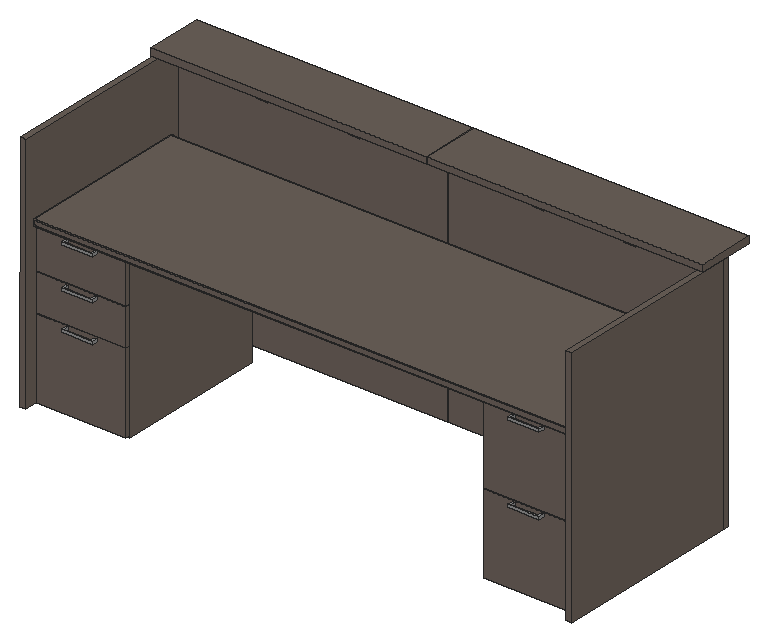
Revit family "OFS TYPICAL T100185", category Furniture, Revit 2022
Family settings
  OmniClass Number = 23.40.20.00
  OmniClass Title = General Furniture and Specialties
  Work Plane-Based = No
  Always vertical = Yes
  Cut with Voids When Loaded = No
  Render Appearance Source = Family Geometry
  Shared = No
  Room Calculation Point = No
Parameters (values of type "T100185")
  URL = "https://ofs.com/"
  Model = "T100185"
  Manufacturer = "OFS"
  Description = "OFS TYPICAL T100185"
  Default Elevation = 0.00"
  Copyright © = "©OFS 2021"
  Catalog = "https://ofs.com/2020-experience"
  Authoring Version = "Autodesk Revit Architecture 2015"
  Assembly Code = "E2020400"
Reference planes (in)
  plane 1 "Center Front/Back": y = 0
  plane 2: z = 0
  plane 3 "Center Left/Right": x = 0
Dimensions and locks (in)
  aligned and locked: level to plane 2
Nested families (in)
  nested 1: "STAKS RECTANGULAR WORKSURFACES Long Grain" at (-54.9412, 16.41239, 0), type "STAKS RECTANGULAR WORKSURFACE 94 x 30"
    with Height Above Floor 29.00", Depth 30.00", Width 94.00"
  nested 2: "STAKS WORKSURFACE HEIGHT PEDESTAL - BOX-BOX-FILE - NO RISER SUPPORT" at (-59.97712, -7.92161, 0) x (1, 0, 0) z (0, 0, 1), type "STAKS WORKSURFACE HEIGHT PEDESTAL - BOX-BOX-FILE - NO RISER SUPPORT 27in D"
  nested 3: "STAKS WORKSURFACE HEIGHT PEDESTAL - FILE-FILE - NO RISER SUPPORT" at (17.82416, -7.92161, 0), type "STAKS WORKSURFACE HEIGHT PEDESTAL - FILE-FILE - NO RISER SUPPORT 27in D"
  nested 4: "STAKS SPINE OR DIVIDER WALL 42in" at (-50.21988, -24.45808, 0) x (0, 1, 0) z (0, 0, 1), type "STAKS SPINE OR DIVIDER WALL 42in X 33in"
    with Height Above Floor 42.00"
  nested 5: "STAKS SPINE OR DIVIDER WALL 42in" at (44.78012, -24.45808, 0) x (0, 1, 0) z (0, 0, 1), type "STAKS SPINE OR DIVIDER WALL 42in X 33in"
    with Height Above Floor 42.00"
  nested 6: "STAKS SPINE OR DIVIDER WALL 42in" at (-55.93689, 18.91239, 0), type "STAKS SPINE OR DIVIDER WALL 42in X 48in"
    with Height Above Floor 42.00"
  nested 7: "STAKS SPINE OR DIVIDER WALL 42in" at (55.16445, 18.91239, 0) x (-1, 0, 0) z (0, 0, 1), type "STAKS SPINE OR DIVIDER WALL 42in X 48in"
    with Height Above Floor 42.00"
  nested 8: "STAKS TRANSACTION SHELF" at (-7.87501, 18.7034, -5.375) x (1, 0, 0) z (0, 0, 1), type "STAKS TRANSACTION SHELF 48in"
  nested 9: "STAKS TRANSACTION SHELF" at (7.12499, 18.7034, -5.375) x (-1, 0, 0) z (0, 0, 1), type "STAKS TRANSACTION SHELF 48in"
  nested 10: "STAKS BENCHING PRESS FIT BRACKET" at (-30.51088, 33.07874, 14) x (0, 1, 0) z (0, 0, 1), type "STAKS BENCHING PRESS FIT BRACKET"
  nested 11: "STAKS BENCHING PRESS FIT BRACKET" at (-14.51088, 33.07874, 14) x (0, 1, 0) z (0, 0, 1), type "STAKS BENCHING PRESS FIT BRACKET"
  nested 12: "STAKS BENCHING PRESS FIT BRACKET" at (17.48912, 33.07875, 14) x (0, 1, 0) z (0, 0, 1), type "STAKS BENCHING PRESS FIT BRACKET"
  nested 13: "STAKS BENCHING PRESS FIT BRACKET" at (33.48912, 33.07875, 14) x (0, 1, 0) z (0, 0, 1), type "STAKS BENCHING PRESS FIT BRACKET"
  nested 14: "STAKS BENCHING CANTILEVER WORKSURFACE BRACKET - OPEN" at (19.11377, 13.20339, 0), type "CANTILEVER WORKSURFACE BRACKET - OPEN 30in"
  nested 15: "STAKS BENCHING CANTILEVER WORKSURFACE BRACKET - MINI CONCEALED" at (57.86377, 13.20339, 0), type "STAKS CANTILEVER WORKSURFACE BRACKET - MINI CONCEALED"
  nested 16: "STAKS BENCHING CANTILEVER WORKSURFACE BRACKET - MINI CONCEALED" at (-25.63623, 13.20339, 0), type "STAKS CANTILEVER WORKSURFACE BRACKET - MINI CONCEALED"
Definition of nested family "STAKS RECTANGULAR WORKSURFACES Long Grain"
  Parameters (values of type "STAKS RECTANGULAR WORKSURFACE 42 x 22")
    URL = "http://www.ofs.com/"
    Rectangular Worksurface = none
    Height Above Floor [instance] = 29.00"
    Height = 1.125"
    Depth = 22.00"
    Model = "6-MCT-42/22"
    Manufacturer = "OFS"
    Description = "OFS STAKS 42 X 22 RECTANGULAR WORKSURFACE For Worksurface or Low Height Applications, Long Grain"
    Width = 42.00"
    Default Elevation = 0.00"
    Copyright © = "© 2018 OFS"
    Catalog = "https://ofs.com/products/casegoods/private-office/staks"
    Authoring Version = "Autodesk Revit Architecture 2013"
    Assembly Code = "E2020200"
  Types (26): name | Model | Description | Width
    STAKS RECTANGULAR WORKSURFACE 15.625 x 22 | "6-MCT-15.625/22" | "OFS STAKS 15.625 X 22 RECTANGULAR WORKSURFACE For Worksurface or Low Height Applications, Long Grain" | 15.625"
    STAKS RECTANGULAR WORKSURFACE 24 x 22 | "6-MCT-24/22" | "OFS STAKS 24 X 22 RECTANGULAR WORKSURFACE For Worksurface or Low Height Applications, Long Grain" | 24.00"
    STAKS RECTANGULAR WORKSURFACE 30 x 22 | "6-MCT-30/22" | "OFS STAKS 30 X 22 RECTANGULAR WORKSURFACE For Worksurface or Low Height Applications, Long Grain" | 30.00"
    STAKS RECTANGULAR WORKSURFACE 34 x 22 | "6-MCT-34/22" | "OFS STAKS 34 X 22 RECTANGULAR WORKSURFACE For Worksurface or Low Height Applications, Long Grain" | 34.00"
    STAKS RECTANGULAR WORKSURFACE 36 x 22 | "6-MCT-36/22" | "OFS STAKS 36 X 22 RECTANGULAR WORKSURFACE For Worksurface or Low Height Applications, Long Grain" | 36.00"
    STAKS RECTANGULAR WORKSURFACE 42 x 22 | "6-MCT-42/22" | "OFS STAKS 42 X 22 RECTANGULAR WORKSURFACE For Worksurface or Low Height Applications, Long Grain" | 42.00"
    STAKS RECTANGULAR WORKSURFACE 46 x 22 | "6-MCT-46/22" | "OFS STAKS 46 X 22 RECTANGULAR WORKSURFACE For Worksurface or Low Height Applications, Long Grain" | 46.00"
    STAKS RECTANGULAR WORKSURFACE 48 x 22 | "6-MCT-48/22" | "OFS STAKS 48 X 22 RECTANGULAR WORKSURFACE For Worksurface or Low Height Applications, Long Grain" | 48.00"
    STAKS RECTANGULAR WORKSURFACE 48.5 x 22 | "6-MCT-48.5/22" | "OFS STAKS 48.5 X 22 RECTANGULAR WORKSURFACE For Worksurface or Low Height Applications, Long Grain" | 48.50"
    STAKS RECTANGULAR WORKSURFACE 54 x 22 | "6-MCT-54/22" | "OFS STAKS 54 X 22 RECTANGULAR WORKSURFACE For Worksurface or Low Height Applications, Long Grain" | 54.00"
    STAKS RECTANGULAR WORKSURFACE 55.5 x 22 | "6-MCT-55.5/22" | "OFS STAKS 55.5 X 22 RECTANGULAR WORKSURFACE For Worksurface or Low Height Applications, Long Grain" | 55.50"
    STAKS RECTANGULAR WORKSURFACE 59 x 22 | "6-MCT-59/22" | "OFS STAKS 59 X 22 RECTANGULAR WORKSURFACE For Worksurface or Low Height Applications, Long Grain" | 59.00"
    STAKS RECTANGULAR WORKSURFACE 60 x 22 | "6-MCT-60/22" | "OFS STAKS 60 X 22 RECTANGULAR WORKSURFACE For Worksurface or Low Height Applications, Long Grain" | 60.00"
    STAKS RECTANGULAR WORKSURFACE 64 x 22 | "6-MCT-64/22" | "OFS STAKS 64 X 22 RECTANGULAR WORKSURFACE For Worksurface or Low Height Applications, Long Grain" | 64.00"
    STAKS RECTANGULAR WORKSURFACE 66 x 22 | "6-MCT-66/22" | "OFS STAKS 66 X 22 RECTANGULAR WORKSURFACE For Worksurface or Low Height Applications, Long Grain" | 66.00"
    STAKS RECTANGULAR WORKSURFACE 69.625 x 22 | "6-MCT-69.625/22" | "OFS STAKS 69.625 X 22 RECTANGULAR WORKSURFACE For Worksurface or Low Height Applications, Long Grain" | 69.625"
    STAKS RECTANGULAR WORKSURFACE 70.5 x 22 | "6-MCT-70.5/22" | "OFS STAKS 70.5 X 22 RECTANGULAR WORKSURFACE For Worksurface or Low Height Applications, Long Grain" | 70.50"
    STAKS RECTANGULAR WORKSURFACE 72 x 22 | "6-MCT-72/22" | "OFS STAKS 72 X 22 RECTANGULAR WORKSURFACE For Worksurface or Low Height Applications, Long Grain" | 72.00"
    STAKS RECTANGULAR WORKSURFACE 74 x 22 | "6-MCT-74/22" | "OFS STAKS 74 X 22 RECTANGULAR WORKSURFACE For Worksurface or Low Height Applications, Long Grain" | 74.00"
    STAKS RECTANGULAR WORKSURFACE 78 x 22 | "6-MCT-78/22" | "OFS STAKS 78 X 22 RECTANGULAR WORKSURFACE For Worksurface or Low Height Applications, Long Grain" | 78.00"
    STAKS RECTANGULAR WORKSURFACE 82.5 x 22 | "6-MCT-82.5/22" | "OFS STAKS 82.5 X 22 RECTANGULAR WORKSURFACE For Worksurface or Low Height Applications, Long Grain" | 82.50"
    STAKS RECTANGULAR WORKSURFACE 84 x 22 | "6-MCT-84/22" | "OFS STAKS 84 X 22 RECTANGULAR WORKSURFACE For Worksurface or Low Height Applications, Long Grain" | 84.00"
    STAKS RECTANGULAR WORKSURFACE 87.625 x 22 | "6-MCT-87.625/22" | "OFS STAKS 87.625 X 22 RECTANGULAR WORKSURFACE For Worksurface or Low Height Applications, Long Grain" | 87.625"
    STAKS RECTANGULAR WORKSURFACE 90 x 22 | "6-MCT-90/22" | "OFS STAKS 90 X 22 RECTANGULAR WORKSURFACE For Worksurface or Low Height Applications, Long Grain" | 90.00"
    STAKS RECTANGULAR WORKSURFACE 94 x 22 | "6-MCT-94/22" | "OFS STAKS 94 X 22 RECTANGULAR WORKSURFACE For Worksurface or Low Height Applications, Long Grain" | 94.00"
    STAKS RECTANGULAR WORKSURFACE 96 x 22 | "6-MCT-96/22" | "OFS STAKS 96 X 22 RECTANGULAR WORKSURFACE For Worksurface or Low Height Applications, Long Grain" | 96.00"
  Reference planes (in)
    plane 1: z = -0.125
    plane 2 "LEFT": x = 7.55498
    plane 3 "RIGHT": x = 49.55498
    plane 4 "BACK": y = -1.83365
    plane 5 "FRONT": y = -23.83365
    plane 6: x = 7.67998
    plane 7: x = 49.42998
    plane 8: y = -1.95865
    plane 9: y = -23.70865
    plane 10: z = 27.75
    plane 11 "SURFACE TOP": z = 28.875
  Forms (in)
    Extrusion 1, solid
      sketch origin (0, 0, 17.125) x (-1, 0, 0) y (0, -1, 0)
        loop
          line (-7.67998, 1.95865) -> (-7.67998, 23.70865) -> (-49.42998, 23.70865) -> (-49.42998, 1.95865) -> (-7.67998, 1.95865)
      from 11.75 to 10.625
    Sweep 2, solid, material <- "Rectangular Worksurface"
      path origin (0, 0, 28.875) x (0, 1, 0) y (-1, 0, 0)
        loop
          line (-23.83365, -7.55498) -> (-23.83365, -49.55498) -> (-1.83365, -49.55498) -> (-1.83365, -7.55498) -> (-23.83365, -7.55498)
      profile origin (28.55498, -23.83365, 28.875) x (0, 1, 0) y (0, 0, 1)
        loop
          arc (0.125, 0) -> (0.03661, -0.03661) -> (0, -0.125) r 0.125
          line (0, -0.125) -> (0, -1)
          arc (0, -1) -> (0.03661, -1.08839) -> (0.125, -1.125) r 0.125
          line (0.125, -1.125) -> (0.125, 0)
  Lines and regions (in)
    Masking region 1
      outline origin (0, 0, 16.625) x (-1, 0, 0) y (0, -1, 0)
        loop
          line (-7.67998, 1.95865) -> (-7.55498, 1.83365) -> (-7.55498, 23.83365) -> (-7.67998, 23.70865) -> (-7.67998, 1.95865)
    Masking region 2
      outline origin (0, 0, 16.625) x (-1, 0, 0) y (0, -1, 0)
        loop
          line (-7.55498, 1.83365) -> (-7.67998, 1.95865) -> (-49.42998, 1.95865) -> (-49.55498, 1.83365) -> (-7.55498, 1.83365)
    Masking region 3
      outline origin (0, 0, 16.625) x (-1, 0, 0) y (0, -1, 0)
        loop
          line (-49.55498, 1.83365) -> (-49.42998, 1.95865) -> (-49.42998, 23.70865) -> (-49.55498, 23.83365) -> (-49.55498, 1.83365)
    Masking region 4
      outline origin (0, 0, 16.625) x (-1, 0, 0) y (0, -1, 0)
        loop
          line (-49.55498, 23.83365) -> (-49.42998, 23.70865) -> (-7.67998, 23.70865) -> (-7.55498, 23.83365) -> (-49.55498, 23.83365)
    Masking region 5
      outline origin (0, 0, 16.625) x (-1, 0, 0) y (0, -1, 0)
        loop
          line (-49.42998, 23.70865) -> (-49.42998, 1.95865) -> (-7.67998, 1.95865) -> (-7.67998, 23.70865) -> (-49.42998, 23.70865)
  Dimensions and locks (in)
    "Depth": plane 4 "BACK" to plane 5 "FRONT"
    "Width": plane 2 "LEFT" to plane 3 "RIGHT"
    "Height": plane 11 "SURFACE TOP" to plane 10
    locked: plane 4 "BACK" to plane 8 at 0.125
    locked: plane 2 "LEFT" to plane 6 at 0.125
    locked: plane 7 to plane 3 "RIGHT" at 0.125
    locked: plane 9 to plane 5 "FRONT" at 0.125
    "Height Above Floor": plane 11 "SURFACE TOP" to level
    aligned: level to plane 1
    aligned and locked: plane 8 to Extrusion 1 sketch curve
    aligned and locked: Extrusion 1 sketch curve to plane 6
    aligned and locked: Extrusion 1 sketch curve to plane 9
    aligned and locked: plane 7 to Extrusion 1 sketch curve
    aligned and locked: plane 11 "SURFACE TOP" to Extrusion 1
    aligned and locked: Extrusion 1 to plane 10
    aligned and locked: Sweep 2 sketch curve to plane 5 "FRONT"
    aligned and locked: Sweep 2 sketch curve to plane 2 "LEFT"
    aligned and locked: plane 4 "BACK" to Sweep 2 sketch curve
    aligned and locked: plane 3 "RIGHT" to Sweep 2 sketch curve
  Automatic sketch dimensions
    Masking region 1 sketch curve to plane 6 = 0.00"
    Masking region 1 sketch curve to plane 2 "LEFT" = 0.00"
    Masking region 1 sketch curve to plane 4 "BACK" = 0.00"
    Masking region 1 sketch curve to plane 8 = 0.00"
    Masking region 1 sketch curve to plane 9 = 0.00"
    Masking region 1 sketch curve to plane 5 "FRONT" = 0.00"
    Masking region 2 sketch curve to plane 3 "RIGHT" = 0.00"
    Masking region 2 sketch curve to plane 7 = 0.00"
    Masking region 2 sketch curve to plane 6 = 0.00"
    Masking region 2 sketch curve to plane 2 "LEFT" = 0.00"
    Masking region 2 sketch curve to plane 4 "BACK" = 0.00"
    Masking region 2 sketch curve to plane 8 = 0.00"
    Masking region 3 sketch curve to plane 3 "RIGHT" = 0.00"
    Masking region 3 sketch curve to plane 7 = 0.00"
    Masking region 3 sketch curve to plane 4 "BACK" = 0.00"
    Masking region 3 sketch curve to plane 8 = 0.00"
    Masking region 3 sketch curve to plane 9 = 0.00"
    Masking region 3 sketch curve to plane 5 "FRONT" = 0.00"
    Masking region 4 sketch curve to plane 3 "RIGHT" = 0.00"
    Masking region 4 sketch curve to plane 7 = 0.00"
    Masking region 4 sketch curve to plane 6 = 0.00"
    Masking region 4 sketch curve to plane 2 "LEFT" = 0.00"
    Masking region 4 sketch curve to plane 9 = 0.00"
    Masking region 4 sketch curve to plane 5 "FRONT" = 0.00"
    Masking region 5 sketch curve to plane 7 = 0.00"
    Masking region 5 sketch curve to plane 6 = 0.00"
    Masking region 5 sketch curve to plane 8 = 0.00"
    Masking region 5 sketch curve to plane 9 = 0.00"
    Sweep 2 sketch curve to profile plane = 0.00"
    Sweep 2 sketch curve to plane 11 "SURFACE TOP" = 0.00"
    Sweep 2 sketch curve to profile plane = 0.125"
    Sweep 2 sketch curve to Sweep 2 sketch curve = 0.875"
Definition of nested family "STAKS WORKSURFACE HEIGHT PEDESTAL - BOX-BOX-FILE - NO RISER SUPPORT"
  Parameters (values of type "STAKS WORKSURFACE HEIGHT PEDESTAL - BOX-BOX-FILE - NO RISER SUPPORT 19in D")
    URL = "http://www.ofs.com/"
    Riser Support = 0.00"
    Model = "6-NW1619MPD1"
    Manufacturer = "OFS"
    Height = 27.875"
    Drawer Material = none
    Drawer Handle Width = 5.4375"
    Drawer Handle Material = none
    Description = "OFS STAKS WORKSURFACE HEIGHT PEDESTAL - BOX-BOX-FILE - NO RISER SUPPORT 19\" D, Two Box Drawers, Use with 22\"D Worksurfaces"
    Width = 15.625"
    Depth = 19.375"
    Default Elevation = 0.00"
    DH2 = 6.50"
    DH1 = 14.375"
    Copyright © = "© 2018 OFS"
    Chasis Material = none
    Catalog = "https://ofs.com/products/casegoods/private-office/staks"
    Board Thickness = 0.75"
    Authoring Version = "Autodesk Revit Architecture 2013"
    Assembly Code = "E2020200"
  Types (6): name | Model | Description | Depth
    STAKS WORKSURFACE HEIGHT PEDESTAL - BOX-BOX-FILE - NO RISER SUPPORT 19in D | "6-NW1619MPD1" | "OFS STAKS WORKSURFACE HEIGHT PEDESTAL - BOX-BOX-FILE - NO RISER SUPPORT 19\" D, Two Box Drawers, Use with 22\"D Worksurfaces" | 19.375"
    STAKS WORKSURFACE HEIGHT PEDESTAL - BOX-BOX-FILE - NO RISER SUPPORT 22in D | "6-NW1622MPD1" | "OFS STAKS WORKSURFACE HEIGHT PEDESTAL - BOX-BOX-FILE - NO RISER SUPPORT 22\" D, Two Box Drawers, Use with 22\"D Worksurfaces" | 21.875"
    STAKS WORKSURFACE HEIGHT PEDESTAL - BOX-BOX-FILE - NO RISER SUPPORT 27in D | "6-NW1627MPD1" | "OFS STAKS WORKSURFACE HEIGHT PEDESTAL - BOX-BOX-FILE - NO RISER SUPPORT 27\" D, Two Box Drawers, Use with 30\"D Worksurfaces" | 27.375"
    STAKS WORKSURFACE HEIGHT PEDESTAL - BOX-BOX-FILE - NO RISER SUPPORT 30in D | "6-NW1630MPD1" | "OFS STAKS WORKSURFACE HEIGHT PEDESTAL - BOX-BOX-FILE - NO RISER SUPPORT 30\" D, Two Box Drawers, Use with 30\"D Worksurfaces" | 29.875"
    STAKS WORKSURFACE HEIGHT PEDESTAL - BOX-BOX-FILE - NO RISER SUPPORT 33in D | "6-NW1633MPD1" | "OFS STAKS WORKSURFACE HEIGHT PEDESTAL - BOX-BOX-FILE - NO RISER SUPPORT 33\" D, Two Box Drawers, Use with 36\"D Worksurfaces" | 33.375"
    STAKS WORKSURFACE HEIGHT PEDESTAL - BOX-BOX-FILE - NO RISER SUPPORT 36in D | "6-NW1636MPD1" | "OFS STAKS WORKSURFACE HEIGHT PEDESTAL - BOX-BOX-FILE - NO RISER SUPPORT 36\" D, Two Box Drawers, Use with 36\"D Worksurfaces" | 35.875"
  Reference planes (in)
    plane 1: z = 0
    plane 2 "Right": x = 20.97711
    plane 3: z = 27.875
    plane 4: z = 14.375
    plane 5: z = 14.25
    plane 6: z = 0
    plane 7: z = 14
    plane 8: z = 27.625
    plane 9: z = 13.531
    plane 10: z = 27.15625
    plane 11: x = 13.16461
    plane 12: y = 1.37535
    plane 13: y = 0.62535
    plane 14: x = 13.22711
    plane 15: x = 28.72661
    plane 16: x = 13.91461
    plane 17: y = 20.00035
    plane 18: x = 28.78961
    plane 19: x = 28.03961
    plane 20: x = 18.25836
    plane 21: x = 18.63336
    plane 22: x = 23.69586
    plane 23: x = 23.32086
    plane 24: y = -0.18715
    plane 25: y = -0.37465
    plane 26: z = 20.875
    plane 27: z = 20.75
    plane 28: z = 20.5
    plane 29: z = 20.031
    plane 30: z = 0.25
    plane 31: y = 19.25035
    plane 32: z = 0.75
    plane 33: y = 16.75035
    plane 34: y = 4.37535
    plane 35: y = 8.37535
    plane 36: y = 12.75035
    plane 37: y = 5.00035
    plane 38: y = 13.37535
    plane 39: z = 28
  Forms (in)
    Extrusion 1, solid, material <- "Drawer Material"
      sketch origin (20.35211, 5, -13.1802) x (0, 1, 0) y (0, 0, 1)
        loop
          line (-4.37465, 27.4302) -> (-4.37465, 13.4302) -> (-3.62465, 13.4302) -> (-3.62465, 27.4302) -> (-4.37465, 27.4302)
      from -7.125 to 8.3745
    Extrusion 2, solid, material <- "Drawer Material"
      sketch origin (20.35211, 2.25, -7.68015) x (0, 1, 0) y (0, 0, 1)
        loop
          line (-1.62465, 28.43015) -> (-1.62465, 22.05515) -> (-0.87465, 22.05515) -> (-0.87465, 28.43015) -> (-1.62465, 28.43015)
      from -7.125 to 8.3745
    Extrusion 3, solid, material <- "Chasis Material"
      sketch origin (-3, -1.24965, 0) x (1, 0, 0) y (0, 0, 1)
        loop
          line (16.16461, 0) -> (16.91461, 0) -> (16.91461, 27.875) -> (16.16461, 27.875) -> (16.16461, 0)
      from -21.25 to -2.625
    Extrusion 4, solid, material <- "Chasis Material"
      sketch origin (19.35211, 31.02324, 0) x (0, 1, 0) y (0, 0, 1)
        loop
          line (-11.77289, 0) -> (-11.02289, 0) -> (-11.02289, 27.875) -> (-11.77289, 27.875) -> (-11.77289, 0)
      from -5.4375 to 8.6875
    Extrusion 5, solid, material <- "Drawer Handle Material"
      sketch origin (9, 0, 9.60933) x (1, 0, 0) y (0, 1, 0)
        loop
          line (9.25836, 0.62535) -> (9.25836, -0.37465) -> (14.69586, -0.37465) -> (14.69586, 0.62535) -> (14.32086, 0.62535) -> (14.32086, -0.18715) -> (9.63336, -0.18715) -> (9.63336, 0.62535) -> (9.25836, 0.62535)
      from 3.92167 to 4.39067
    Extrusion 6, solid, material <- "Drawer Handle Material"
      sketch origin (9, 0, 20.67137) x (1, 0, 0) y (0, 1, 0)
        loop
          line (9.25836, 0.62535) -> (9.25836, -0.37465) -> (14.69586, -0.37465) -> (14.69586, 0.62535) -> (14.32086, 0.62535) -> (14.32086, -0.18715) -> (9.63336, -0.18715) -> (9.63336, 0.62535) -> (9.25836, 0.62535)
      from -0.64037 to -0.17137
    Extrusion 7, solid, material <- "Chasis Material"
      sketch origin (0, 0, 0) x (1, 0, 0) y (0, 1, 0)
        loop
          line (28.78961, 20.00035) -> (28.03961, 20.00035) -> (28.03961, 1.37535) -> (28.78961, 1.37535) -> (28.78961, 20.00035)
      from 0 to 27.875
    Extrusion 8, solid, material <- "Drawer Material"
      sketch origin (20.35211, 2.25, 0.06985) x (0, 1, 0) y (0, 0, 1)
        loop
          line (-1.62465, 27.80515) -> (-1.62465, 20.80515) -> (-0.87465, 20.80515) -> (-0.87465, 27.80515) -> (-1.62465, 27.80515)
      from -7.125 to 8.3745
    Extrusion 9, solid, material <- "Drawer Handle Material"
      sketch origin (9, 0, 28.42137) x (1, 0, 0) y (0, 1, 0)
        loop
          line (9.25836, 0.62535) -> (9.25836, -0.37465) -> (14.69586, -0.37465) -> (14.69586, 0.62535) -> (14.32086, 0.62535) -> (14.32086, -0.18715) -> (9.63336, -0.18715) -> (9.63336, 0.62535) -> (9.25836, 0.62535)
      from -1.26512 to -0.79637
    Extrusion 10, solid, material <- "Chasis Material"
      sketch origin (-29.79592, -1.62465, 7.24693) x (1, 0, 0) y (0, 0, 1)
        loop
          line (43.71054, 19.90932) -> (57.83554, 19.90932) -> (57.83554, 20.62807) -> (43.71054, 20.62807) -> (43.71054, 19.90932)
      from -18.375 to -14.375
    Extrusion 11, solid, material <- "Chasis Material"
      sketch origin (-29.79592, -7.12465, 7.24693) x (1, 0, 0) y (0, 0, 1)
        loop
          line (43.71054, 19.90932) -> (57.83554, 19.90932) -> (57.83554, 20.62807) -> (43.71054, 20.62807) -> (43.71054, 19.90932)
      from -15.5 to -11.5
    Extrusion 12, solid, material <- "Chasis Material"
      sketch origin (-31.5409, -1.62465, -42.72261) x (1, 0, 0) y (0, 0, 1)
        loop
          line (45.45551, 42.72261) -> (59.58051, 42.72261) -> (59.58051, 43.47261) -> (45.45551, 43.47261) -> (45.45551, 42.72261)
      from -20.875 to -3
    Extrusion 13, solid
      sketch origin (0, 0, 0) x (1, 0, 0) y (0, 1, 0)
        loop
          line (28.72661, 20.00035) -> (28.03961, 20.00035) -> (28.03961, 13.37535) -> (13.91461, 13.37535) -> (13.91461, 20.00035) -> (13.22711, 20.00035) -> (13.22711, 0.62535) -> (13.91461, 0.62535) -> (13.91461, 4.37535) -> (28.03961, 4.37535) -> (28.03961, 0.62535) -> (28.72661, 0.62535) -> (28.72661, 20.00035)
        loop
          line (28.03961, 5.00035) -> (28.03961, 12.75035) -> (13.91461, 12.75035) -> (13.91461, 5.00035) -> (28.03961, 5.00035)
      from 27.875 to 28
  Dimensions and locks (in)
    "Board Thickness": plane 13 to plane 12
    locked: plane 11 to plane 14 at 0.0625
    "Board Thickness": plane 11 to plane 16
    locked: plane 15 to plane 18 at 0.063
    "Width": plane 11 to plane 18
    Extrusion 7 sketch curve to plane 18 = 0.75"
    "Board Thickness": plane 19 to plane 18
    equal spacing: plane 11, plane 2 "Right", plane 18
    locked: plane 20 to plane 21 at 0.375
    locked: plane 23 to plane 22 at 0.375
    equal spacing: plane 20, plane 2 "Right", plane 22
    "Drawer Handle Width": plane 20 to plane 22
    plane 25 to plane 24 to plane 13 = 0.1875" locked, 0.8125" locked
    "Riser Support": plane 6 to level
    "Height": plane 3 to plane 6
    "DH1": plane 4 to plane 6
    "DH2": plane 26 to plane 4
    locked: plane 30 to plane 6 at 0.25
    "Board Thickness": plane 31 to plane 17
    "Depth": plane 13 to plane 17
    plane 4 to plane 5 to plane 7 to plane 9 = 0.125" locked, 0.25" locked, 0.469" locked
    plane 26 to plane 27 to plane 28 to plane 29 = 0.125" locked, 0.25" locked, 0.469" locked
    plane 3 to plane 8 to plane 10 = 0.25" locked, 0.46875" locked
    "Board Thickness": plane 32 to plane 6
    plane 12 to plane 34 to plane 35 = 3.00" locked, 4.00" locked
    plane 36 to plane 33 to plane 31 = 4.00" locked, 2.50" locked
    locked: plane 34 to plane 37 at 0.625
    locked: plane 36 to plane 38 at 0.625
    locked: plane 39 to plane 3 at 0.125
    aligned and locked: level to plane 1
    aligned and locked: Extrusion 1 to plane 14
    aligned and locked: plane 15 to Extrusion 1
    aligned and locked: Extrusion 2 to plane 12
    aligned and locked: plane 13 to Extrusion 2
    aligned and locked: plane 15 to Extrusion 2
    aligned and locked: Extrusion 2 to plane 14
    aligned and locked: plane 12 to Extrusion 3
    aligned and locked: Extrusion 3 to plane 17
    aligned and locked: Extrusion 4 to plane 16
    aligned and locked: plane 16 to Extrusion 3
    aligned and locked: Extrusion 3 to plane 11
    aligned and locked: Extrusion 4 to plane 17
    aligned and locked: Extrusion 1 sketch curve to plane 12
    aligned and locked: plane 13 to Extrusion 1 sketch curve
    aligned and locked: plane 19 to Extrusion 4
    aligned and locked: plane 3 to Extrusion 3
    aligned and locked: Extrusion 6 to plane 22
    aligned and locked: Extrusion 5 to plane 22
    aligned and locked: plane 23 to Extrusion 6
    aligned and locked: plane 23 to Extrusion 5
    aligned and locked: plane 21 to Extrusion 6
    aligned and locked: plane 21 to Extrusion 5
    aligned and locked: Extrusion 6 to plane 20
    aligned and locked: Extrusion 5 to plane 20
    aligned and locked: plane 24 to Extrusion 6
    aligned and locked: plane 7 to Extrusion 5
    aligned and locked: Extrusion 5 to plane 9
    aligned and locked: plane 3 to Extrusion 4
    aligned and locked: plane 27 to Extrusion 2
    aligned and locked: Extrusion 6 to plane 29
    aligned and locked: plane 28 to Extrusion 6
    aligned and locked: Extrusion 1 to plane 30
    aligned and locked: Extrusion 8 to plane 26
    aligned and locked: plane 3 to Extrusion 8
    aligned and locked: Extrusion 9 to plane 10
    aligned and locked: plane 8 to Extrusion 9
    aligned and locked: Extrusion 7 to plane 19
    aligned and locked: Extrusion 8 to plane 14
    aligned and locked: plane 15 to Extrusion 8
    aligned and locked: plane 3 to Extrusion 7
    aligned and locked: Extrusion 7 to plane 6
    aligned and locked: plane 3 to Extrusion 10
    aligned and locked: Extrusion 10 to plane 10
    aligned and locked: plane 19 to Extrusion 10
    aligned and locked: Extrusion 10 to plane 16
    aligned and locked: Extrusion 10 to plane 33
    aligned and locked: plane 36 to Extrusion 10
    aligned and locked: plane 34 to Extrusion 11
    aligned and locked: Extrusion 11 to plane 35
    aligned and locked: plane 3 to Extrusion 11
    aligned and locked: Extrusion 11 to plane 10
    aligned and locked: plane 32 to Extrusion 12
    aligned and locked: Extrusion 12 to plane 6
    aligned and locked: Extrusion 12 to plane 31
    aligned and locked: plane 12 to Extrusion 12
    aligned and locked: plane 19 to Extrusion 12
    aligned and locked: Extrusion 12 to plane 16
    aligned and locked: Extrusion 13 to plane 3
    aligned and locked: plane 39 to Extrusion 13
  Automatic sketch dimensions
    Extrusion 1 sketch curve to plane 30 = 0.00"
    Extrusion 1 sketch curve to plane 5 = 0.00"
    Extrusion 2 sketch curve to plane 13 = 0.00"
    Extrusion 2 sketch curve to plane 4 = 0.00"
    Extrusion 2 sketch curve to plane 12 = 0.00"
    Extrusion 2 sketch curve to plane 27 = 0.00"
    Extrusion 3 sketch curve to plane 6 = 0.00"
    Extrusion 3 sketch curve to plane 11 = 0.00"
    Extrusion 3 sketch curve to plane 3 = 0.00"
    Extrusion 3 sketch curve to plane 16 = 0.00"
    Extrusion 4 sketch curve to plane 6 = 0.00"
    Extrusion 4 sketch curve to plane 3 = 0.00"
    Extrusion 4 sketch curve to plane 17 = 0.00"
    plane 31 to Extrusion 4 sketch curve = 0.00"
    plane 13 to Extrusion 5 sketch curve = 0.00"  (x2)
    Extrusion 5 sketch curve to plane 20 = 0.00"
    Extrusion 5 sketch curve to plane 21 = 0.00"
    Extrusion 5 sketch curve to plane 23 = 0.00"
    Extrusion 5 sketch curve to plane 22 = 0.00"
    plane 25 to Extrusion 5 sketch curve = 0.00"
    plane 24 to Extrusion 5 sketch curve = 0.00"
    plane 13 to Extrusion 6 sketch curve = 0.00"  (x2)
    Extrusion 6 sketch curve to plane 20 = 0.00"
    Extrusion 6 sketch curve to plane 21 = 0.00"
    Extrusion 6 sketch curve to plane 23 = 0.00"
    Extrusion 6 sketch curve to plane 22 = 0.00"
    plane 25 to Extrusion 6 sketch curve = 0.00"
    plane 24 to Extrusion 6 sketch curve = 0.00"
    plane 12 to Extrusion 7 sketch curve = 0.00"
    Extrusion 7 sketch curve to plane 18 = 0.00"
    plane 17 to Extrusion 7 sketch curve = 0.00"
    Extrusion 8 sketch curve to plane 3 = 0.00"
    Extrusion 8 sketch curve to plane 13 = 0.00"
    Extrusion 8 sketch curve to plane 12 = 0.00"
    Extrusion 8 sketch curve to plane 26 = 0.00"
    plane 13 to Extrusion 9 sketch curve = 0.00"  (x2)
    Extrusion 9 sketch curve to plane 20 = 0.00"
    Extrusion 9 sketch curve to plane 21 = 0.00"
    Extrusion 9 sketch curve to plane 23 = 0.00"
    Extrusion 9 sketch curve to plane 22 = 0.00"
    plane 25 to Extrusion 9 sketch curve = 0.00"
    plane 24 to Extrusion 9 sketch curve = 0.00"
    Extrusion 10 sketch curve to plane 10 = 0.00"
    Extrusion 10 sketch curve to plane 16 = 0.00"
    Extrusion 10 sketch curve to plane 3 = 0.00"
    Extrusion 10 sketch curve to plane 19 = 0.00"
    Extrusion 11 sketch curve to plane 10 = 0.00"
    Extrusion 11 sketch curve to plane 16 = 0.00"
    Extrusion 11 sketch curve to plane 3 = 0.00"
    Extrusion 11 sketch curve to plane 19 = 0.00"
    plane 14 to Extrusion 12 sketch curve = 0.6875"
    Extrusion 12 sketch curve to plane 6 = 0.00"
    plane 6 to Extrusion 12 sketch curve = 0.75"
    Extrusion 12 sketch curve to plane 19 = 0.00"
    Extrusion 13 sketch curve to plane 14 = 0.00"
    Extrusion 13 sketch curve to plane 19 = 0.00"  (x2)
    Extrusion 13 sketch curve to plane 15 = 0.00"
    plane 13 to Extrusion 13 sketch curve = 0.00"  (x2)
    Extrusion 13 sketch curve to plane 34 = 0.00"
    Extrusion 13 sketch curve to plane 37 = 0.00"
    Extrusion 13 sketch curve to plane 38 = 0.00"
    Extrusion 13 sketch curve to plane 36 = 0.00"
    Extrusion 13 sketch curve to Extrusion 13 sketch curve = 0.00"  (x2)
    Extrusion 13 sketch curve to plane 16 = 0.00"  (x2)
    plane 17 to Extrusion 13 sketch curve = 0.00"  (x2)
Definition of nested family "STAKS WORKSURFACE HEIGHT PEDESTAL - FILE-FILE - NO RISER SUPPORT"
  Parameters (values of type "STAKS WORKSURFACE HEIGHT PEDESTAL - FILE-FILE - NO RISER SUPPORT 19in D")
    URL = "http://www.ofs.com/"
    Riser Support = 0.00"
    Model = "6-NW1619MPD3"
    Manufacturer = "OFS"
    Height = 27.875"
    Drawer Material = none
    Drawer Handle Width = 5.4375"
    Drawer Handle Material = none
    Description = "OFS STAKS WORKSURFACE HEIGHT PEDESTAL - FILE-FILE - NO RISER SUPPORT 19\" D, Two File Drawers, Use with 22\"D Worksurfaces"
    Width = 15.625"
    Depth = 19.375"
    Default Elevation = 0.00"
    DH2 = 6.50"
    DH1 = 14.375"
    Copyright © = "© 2018 OFS"
    Chasis Material = none
    Catalog = "https://ofs.com/products/casegoods/private-office/staks"
    Board Thickness = 0.75"
    Authoring Version = "Autodesk Revit Architecture 2013"
    Assembly Code = "E2020200"
  Types (6): name | Model | Description | Depth
    STAKS WORKSURFACE HEIGHT PEDESTAL - FILE-FILE - NO RISER SUPPORT 19in D | "6-NW1619MPD3" | "OFS STAKS WORKSURFACE HEIGHT PEDESTAL - FILE-FILE - NO RISER SUPPORT 19\" D, Two File Drawers, Use with 22\"D Worksurfaces" | 19.375"
    STAKS WORKSURFACE HEIGHT PEDESTAL - FILE-FILE - NO RISER SUPPORT 22in D | "6-NW1622MPD3" | "OFS STAKS WORKSURFACE HEIGHT PEDESTAL - FILE-FILE - NO RISER SUPPORT 22\" D, Two File Drawers, Use with 22\"D Worksurfaces" | 21.875"
    STAKS WORKSURFACE HEIGHT PEDESTAL - FILE-FILE - NO RISER SUPPORT 27in D | "6-NW1627MPD3" | "OFS STAKS WORKSURFACE HEIGHT PEDESTAL - FILE-FILE - NO RISER SUPPORT 27\" D, Two File Drawers, Use with 30\"D Worksurfaces" | 27.375"
    STAKS WORKSURFACE HEIGHT PEDESTAL - FILE-FILE - NO RISER SUPPORT 30in D | "6-NW1630MPD3" | "OFS STAKS WORKSURFACE HEIGHT PEDESTAL - FILE-FILE - NO RISER SUPPORT 30\" D, Two File Drawers, Use with 30\"D Worksurfaces" | 29.875"
    STAKS WORKSURFACE HEIGHT PEDESTAL - FILE-FILE - NO RISER SUPPORT 33in D | "6-NW1633MPD3" | "OFS STAKS WORKSURFACE HEIGHT PEDESTAL - FILE-FILE - NO RISER SUPPORT 33\" D, Two File Drawers, Use with 36\"D Worksurfaces" | 33.375"
    STAKS WORKSURFACE HEIGHT PEDESTAL - FILE-FILE - NO RISER SUPPORT 36in D | "6-NW1636MPD3" | "OFS STAKS WORKSURFACE HEIGHT PEDESTAL - FILE-FILE - NO RISER SUPPORT 36\" D, Two File Drawers, Use with 36\"D Worksurfaces" | 35.875"
  Reference planes (in)
    plane 1: z = 0
    plane 2 "Right": x = 20.97711
    plane 3: z = 27.875
    plane 4: z = 14.375
    plane 5: z = 14.25
    plane 6: z = 0
    plane 7: z = 14
    plane 8: z = 27.625
    plane 9: z = 13.531
    plane 10: z = 27.15625
    plane 11: x = 13.16461
    plane 12: y = 1.37535
    plane 13: y = 0.62535
    plane 14: x = 13.22711
    plane 15: x = 28.72661
    plane 16: x = 13.91461
    plane 17: y = 20.00035
    plane 18: x = 28.78961
    plane 19: x = 28.03961
    plane 20: x = 18.25836
    plane 21: x = 18.63336
    plane 22: x = 23.69586
    plane 23: x = 23.32086
    plane 24: y = -0.18715
    plane 25: y = -0.37465
    plane 26: z = 0.25
    plane 27: y = 19.25035
    plane 28: z = 0.75
    plane 29: y = 16.75035
    plane 30: y = 4.37535
    plane 31: y = 8.37535
    plane 32: y = 12.75035
    plane 33: y = 5.00035
    plane 34: y = 13.37535
    plane 35: z = 28
  Forms (in)
    Extrusion 1, solid, material <- "Drawer Material"
      sketch origin (20.35211, 5, -13.1802) x (0, 1, 0) y (0, 0, 1)
        loop
          line (-4.37465, 27.4302) -> (-4.37465, 13.4302) -> (-3.62465, 13.4302) -> (-3.62465, 27.4302) -> (-4.37465, 27.4302)
      from -7.125 to 8.3745
    Extrusion 2, solid, material <- "Drawer Material"
      sketch origin (20.35211, 2.25, -7.68015) x (0, 1, 0) y (0, 0, 1)
        loop
          line (-1.62465, 35.55515) -> (-1.62465, 22.05515) -> (-0.87465, 22.05515) -> (-0.87465, 35.55515) -> (-1.62465, 35.55515)
      from -7.125 to 8.3745
    Extrusion 3, solid, material <- "Chasis Material"
      sketch origin (-3, -1.24965, 0) x (1, 0, 0) y (0, 0, 1)
        loop
          line (16.16461, 0) -> (16.91461, 0) -> (16.91461, 27.875) -> (16.16461, 27.875) -> (16.16461, 0)
      from -21.25 to -2.625
    Extrusion 4, solid, material <- "Chasis Material"
      sketch origin (19.35211, 31.02324, 0) x (0, 1, 0) y (0, 0, 1)
        loop
          line (-11.77289, 0) -> (-11.02289, 0) -> (-11.02289, 27.875) -> (-11.77289, 27.875) -> (-11.77289, 0)
      from -5.4375 to 8.6875
    Extrusion 5, solid, material <- "Drawer Handle Material"
      sketch origin (9, 0, 9.60933) x (1, 0, 0) y (0, 1, 0)
        loop
          line (9.25836, 0.62535) -> (9.25836, -0.37465) -> (14.69586, -0.37465) -> (14.69586, 0.62535) -> (14.32086, 0.62535) -> (14.32086, -0.18715) -> (9.63336, -0.18715) -> (9.63336, 0.62535) -> (9.25836, 0.62535)
      from 3.92167 to 4.39067
    Extrusion 6, solid, material <- "Drawer Handle Material"
      sketch origin (9, 0, 20.67137) x (1, 0, 0) y (0, 1, 0)
        loop
          line (9.25836, 0.62535) -> (9.25836, -0.37465) -> (14.69586, -0.37465) -> (14.69586, 0.62535) -> (14.32086, 0.62535) -> (14.32086, -0.18715) -> (9.63336, -0.18715) -> (9.63336, 0.62535) -> (9.25836, 0.62535)
      from 6.48488 to 6.95363
    Extrusion 7, solid, material <- "Chasis Material"
      sketch origin (0, 0, 0) x (1, 0, 0) y (0, 1, 0)
        loop
          line (28.78961, 20.00035) -> (28.03961, 20.00035) -> (28.03961, 1.37535) -> (28.78961, 1.37535) -> (28.78961, 20.00035)
      from 0 to 27.875
    Extrusion 8, solid, material <- "Chasis Material"
      sketch origin (-29.79592, -1.62465, 7.24693) x (1, 0, 0) y (0, 0, 1)
        loop
          line (43.71054, 19.90932) -> (57.83554, 19.90932) -> (57.83554, 20.62807) -> (43.71054, 20.62807) -> (43.71054, 19.90932)
      from -18.375 to -14.375
    Extrusion 9, solid, material <- "Chasis Material"
      sketch origin (-29.79592, -7.12465, 7.24693) x (1, 0, 0) y (0, 0, 1)
        loop
          line (43.71054, 19.90932) -> (57.83554, 19.90932) -> (57.83554, 20.62807) -> (43.71054, 20.62807) -> (43.71054, 19.90932)
      from -15.5 to -11.5
    Extrusion 10, solid, material <- "Chasis Material"
      sketch origin (-31.5409, -1.62465, -42.72261) x (1, 0, 0) y (0, 0, 1)
        loop
          line (45.45551, 42.72261) -> (59.58051, 42.72261) -> (59.58051, 43.47261) -> (45.45551, 43.47261) -> (45.45551, 42.72261)
      from -20.875 to -3
    Extrusion 11, solid
      sketch origin (0, 0, 0) x (1, 0, 0) y (0, 1, 0)
        loop
          line (28.72661, 20.00035) -> (28.03961, 20.00035) -> (28.03961, 13.37535) -> (13.91461, 13.37535) -> (13.91461, 20.00035) -> (13.22711, 20.00035) -> (13.22711, 1.37535) -> (13.91461, 1.37535) -> (13.91461, 4.37535) -> (28.03961, 4.37535) -> (28.03961, 1.37535) -> (28.72661, 1.37535) -> (28.72661, 20.00035)
        loop
          line (28.03961, 5.00035) -> (28.03961, 12.75035) -> (13.91461, 12.75035) -> (13.91461, 5.00035) -> (28.03961, 5.00035)
      from 27.875 to 28
  Dimensions and locks (in)
    "Board Thickness": plane 13 to plane 12
    locked: plane 11 to plane 14 at 0.0625
    "Board Thickness": plane 11 to plane 16
    locked: plane 15 to plane 18 at 0.063
    "Width": plane 11 to plane 18
    Extrusion 7 sketch curve to plane 18 = 0.75"
    "Board Thickness": plane 19 to plane 18
    equal spacing: plane 11, plane 2 "Right", plane 18
    locked: plane 20 to plane 21 at 0.375
    locked: plane 23 to plane 22 at 0.375
    equal spacing: plane 20, plane 2 "Right", plane 22
    "Drawer Handle Width": plane 20 to plane 22
    plane 25 to plane 24 to plane 13 = 0.1875" locked, 0.8125" locked
    "Riser Support": plane 6 to level
    "Height": plane 3 to plane 6
    "DH1": plane 4 to plane 6
    locked: plane 26 to plane 6 at 0.25
    "Board Thickness": plane 27 to plane 17
    "Depth": plane 13 to plane 17
    plane 4 to plane 5 to plane 7 to plane 9 = 0.125" locked, 0.25" locked, 0.469" locked
    plane 3 to plane 8 to plane 10 = 0.25" locked, 0.46875" locked
    "Board Thickness": plane 28 to plane 6
    plane 12 to plane 30 to plane 31 = 3.00" locked, 4.00" locked
    plane 32 to plane 29 to plane 27 = 4.00" locked, 2.50" locked
    locked: plane 30 to plane 33 at 0.625
    locked: plane 32 to plane 34 at 0.625
    locked: plane 35 to plane 3 at 0.125
    aligned and locked: level to plane 1
    aligned and locked: Extrusion 1 to plane 14
    aligned and locked: plane 15 to Extrusion 1
    aligned and locked: Extrusion 2 to plane 12
    aligned and locked: plane 13 to Extrusion 2
    aligned and locked: plane 15 to Extrusion 2
    aligned and locked: Extrusion 2 to plane 14
    aligned and locked: plane 12 to Extrusion 3
    aligned and locked: Extrusion 3 to plane 17
    aligned and locked: Extrusion 4 to plane 16
    aligned and locked: plane 16 to Extrusion 3
    aligned and locked: Extrusion 3 to plane 11
    aligned and locked: Extrusion 4 to plane 17
    aligned and locked: Extrusion 1 sketch curve to plane 12
    aligned and locked: plane 13 to Extrusion 1 sketch curve
    aligned and locked: plane 19 to Extrusion 4
    aligned and locked: plane 3 to Extrusion 3
    aligned and locked: Extrusion 6 to plane 22
    aligned and locked: Extrusion 5 to plane 22
    aligned and locked: plane 23 to Extrusion 6
    aligned and locked: plane 23 to Extrusion 5
    aligned and locked: plane 21 to Extrusion 6
    aligned and locked: plane 21 to Extrusion 5
    aligned and locked: Extrusion 6 to plane 20
    aligned and locked: Extrusion 5 to plane 20
    aligned and locked: plane 24 to Extrusion 6
    aligned and locked: plane 7 to Extrusion 5
    aligned and locked: Extrusion 5 to plane 9
    aligned and locked: plane 3 to Extrusion 4
    aligned and locked: Extrusion 1 to plane 26
    aligned and locked: Extrusion 7 to plane 19
    aligned and locked: plane 3 to Extrusion 7
    aligned and locked: Extrusion 7 to plane 6
    aligned and locked: plane 3 to Extrusion 8
    aligned and locked: Extrusion 8 to plane 10
    aligned and locked: plane 19 to Extrusion 8
    aligned and locked: Extrusion 8 to plane 16
    aligned and locked: Extrusion 8 to plane 29
    aligned and locked: plane 32 to Extrusion 8
    aligned and locked: plane 30 to Extrusion 9
    aligned and locked: Extrusion 9 to plane 31
    aligned and locked: plane 3 to Extrusion 9
    aligned and locked: Extrusion 9 to plane 10
    aligned and locked: plane 28 to Extrusion 10
    aligned and locked: Extrusion 10 to plane 6
    aligned and locked: Extrusion 10 to plane 27
    aligned and locked: plane 12 to Extrusion 10
    aligned and locked: plane 19 to Extrusion 10
    aligned and locked: Extrusion 10 to plane 16
    aligned and locked: Extrusion 11 to plane 3
    aligned and locked: plane 35 to Extrusion 11
    aligned and locked: plane 3 to Extrusion 2
    aligned and locked: plane 8 to Extrusion 6
    aligned and locked: Extrusion 6 to plane 10
  Automatic sketch dimensions
    Extrusion 1 sketch curve to plane 26 = 0.00"
    Extrusion 1 sketch curve to plane 5 = 0.00"
    Extrusion 2 sketch curve to plane 13 = 0.00"
    Extrusion 2 sketch curve to plane 4 = 0.00"
    Extrusion 2 sketch curve to plane 12 = 0.00"
    Extrusion 3 sketch curve to plane 6 = 0.00"
    Extrusion 3 sketch curve to plane 11 = 0.00"
    Extrusion 3 sketch curve to plane 3 = 0.00"
    Extrusion 3 sketch curve to plane 16 = 0.00"
    Extrusion 4 sketch curve to plane 6 = 0.00"
    Extrusion 4 sketch curve to plane 3 = 0.00"
    Extrusion 4 sketch curve to plane 17 = 0.00"
    plane 27 to Extrusion 4 sketch curve = 0.00"
    plane 13 to Extrusion 5 sketch curve = 0.00"  (x2)
    Extrusion 5 sketch curve to plane 20 = 0.00"
    Extrusion 5 sketch curve to plane 21 = 0.00"
    Extrusion 5 sketch curve to plane 23 = 0.00"
    Extrusion 5 sketch curve to plane 22 = 0.00"
    plane 25 to Extrusion 5 sketch curve = 0.00"
    plane 24 to Extrusion 5 sketch curve = 0.00"
    plane 13 to Extrusion 6 sketch curve = 0.00"  (x2)
    Extrusion 6 sketch curve to plane 20 = 0.00"
    Extrusion 6 sketch curve to plane 21 = 0.00"
    Extrusion 6 sketch curve to plane 23 = 0.00"
    Extrusion 6 sketch curve to plane 22 = 0.00"
    plane 25 to Extrusion 6 sketch curve = 0.00"
    plane 24 to Extrusion 6 sketch curve = 0.00"
    plane 12 to Extrusion 7 sketch curve = 0.00"
    Extrusion 7 sketch curve to plane 18 = 0.00"
    plane 17 to Extrusion 7 sketch curve = 0.00"
    Extrusion 8 sketch curve to plane 10 = 0.00"
    Extrusion 8 sketch curve to plane 16 = 0.00"
    Extrusion 8 sketch curve to plane 3 = 0.00"
    Extrusion 8 sketch curve to plane 19 = 0.00"
    Extrusion 9 sketch curve to plane 10 = 0.00"
    Extrusion 9 sketch curve to plane 16 = 0.00"
    Extrusion 9 sketch curve to plane 3 = 0.00"
    Extrusion 9 sketch curve to plane 19 = 0.00"
    plane 14 to Extrusion 10 sketch curve = 0.6875"
    Extrusion 10 sketch curve to plane 6 = 0.00"
    plane 6 to Extrusion 10 sketch curve = 0.75"
    Extrusion 10 sketch curve to plane 19 = 0.00"
    Extrusion 11 sketch curve to plane 14 = 0.00"
    Extrusion 11 sketch curve to plane 19 = 0.00"  (x2)
    Extrusion 11 sketch curve to plane 15 = 0.00"
    Extrusion 11 sketch curve to plane 13 = 0.75"  (x2)
    Extrusion 11 sketch curve to plane 30 = 0.00"
    Extrusion 11 sketch curve to plane 33 = 0.00"
    Extrusion 11 sketch curve to plane 34 = 0.00"
    Extrusion 11 sketch curve to plane 32 = 0.00"
    Extrusion 11 sketch curve to Extrusion 11 sketch curve = 0.00"  (x2)
    Extrusion 11 sketch curve to plane 16 = 0.00"  (x2)
    plane 17 to Extrusion 11 sketch curve = 0.00"  (x2)
    plane 4 to Extrusion 2 sketch curve = 13.50"
Definition of nested family "STAKS SPINE OR DIVIDER WALL 42in"
  Parameters (values of type "STAKS SPINE OR DIVIDER WALL 42in X 24in")
    URL = "http://www.ofs.com/"
    Height Above Floor [instance] = 42.00"
    Height = 42.00"
    Depth = 1.00"
    Model = "6-PAN-42/24"
    Manufacturer = "OFS"
    Description = "OFS STAKS SPINE OR DIVIDER WALL 42\" Height x 24\" Width, Levelers allow 2.5\" Height Adjustability for Uneven Floor"
    Width = 24.00"
    Default Elevation = 0.00"
    Copyright © = "© 2018 OFS"
    Catalog = "https://ofs.com/products/casegoods/private-office/staks"
    Authoring Version = "Autodesk Revit Architecture 2013"
    Assembly Code = "E2020200"
  Types (19): name | Model | Description | Width
    STAKS SPINE OR DIVIDER WALL 42in X 24in | "6-PAN-42/24" | "OFS STAKS SPINE OR DIVIDER WALL 42\" Height x 24\" Width, Levelers allow 2.5\" Height Adjustability for Uneven Floor" | 24.00"
    STAKS SPINE OR DIVIDER WALL 42in X 33in | "6-PAN-42/33" | "OFS STAKS SPINE OR DIVIDER WALL 42\" Height x 33\" Width, Levelers allow 2.5\" Height Adjustability for Uneven Floor" | 33.00"
    STAKS SPINE OR DIVIDER WALL 42in X 26in | "6-PAN-42/26" | "OFS STAKS SPINE OR DIVIDER WALL 42\" Height x 26\" Width, Levelers allow 2.5\" Height Adjustability for Uneven Floor" | 26.00"
    STAKS SPINE OR DIVIDER WALL 42in X 30in | "6-PAN-42/30" | "OFS STAKS SPINE OR DIVIDER WALL 42\" Height x 30\" Width, Levelers allow 2.5\" Height Adjustability for Uneven Floor" | 30.00"
    STAKS SPINE OR DIVIDER WALL 42in X 36in | "6-PAN-42/36" | "OFS STAKS SPINE OR DIVIDER WALL 42\" Height x 36\" Width, Levelers allow 2.5\" Height Adjustability for Uneven Floor" | 36.00"
    STAKS SPINE OR DIVIDER WALL 42in X 37in | "6-PAN-42/37" | "OFS STAKS SPINE OR DIVIDER WALL 42\" Height x 37\" Width, Levelers allow 2.5\" Height Adjustability for Uneven Floor" | 37.00"
    STAKS SPINE OR DIVIDER WALL 42in X 39in | "6-PAN-42/39" | "OFS STAKS SPINE OR DIVIDER WALL 42\" Height x 39\" Width, Levelers allow 2.5\" Height Adjustability for Uneven Floor" | 39.00"
    STAKS SPINE OR DIVIDER WALL 42in X 40in | "6-PAN-42/40" | "OFS STAKS SPINE OR DIVIDER WALL 42\" Height x 40\" Width, Levelers allow 2.5\" Height Adjustability for Uneven Floor" | 40.00"
    STAKS SPINE OR DIVIDER WALL 42in X 42in | "6-PAN-42/42" | "OFS STAKS SPINE OR DIVIDER WALL 42\" Height x 42\" Width, Levelers allow 2.5\" Height Adjustability for Uneven Floor" | 42.00"
    STAKS SPINE OR DIVIDER WALL 42in X 44in | "6-PAN-42/44" | "OFS STAKS SPINE OR DIVIDER WALL 42\" Height x 44\" Width, Levelers allow 2.5\" Height Adjustability for Uneven Floor" | 44.00"
    STAKS SPINE OR DIVIDER WALL 42in X 45in | "6-PAN-42/45" | "OFS STAKS SPINE OR DIVIDER WALL 42\" Height x 45\" Width, Levelers allow 2.5\" Height Adjustability for Uneven Floor" | 45.00"
    STAKS SPINE OR DIVIDER WALL 42in X 47in | "6-PAN-42/47" | "OFS STAKS SPINE OR DIVIDER WALL 42\" Height x 47\" Width, Levelers allow 2.5\" Height Adjustability for Uneven Floor" | 47.00"
    STAKS SPINE OR DIVIDER WALL 42in X 48in | "6-PAN-42/48" | "OFS STAKS SPINE OR DIVIDER WALL 42\" Height x 48\" Width, Levelers allow 2.5\" Height Adjustability for Uneven Floor" | 48.00"
    STAKS SPINE OR DIVIDER WALL 42in X 49in | "6-PAN-42/49" | "OFS STAKS SPINE OR DIVIDER WALL 42\" Height x 49\" Width, Levelers allow 2.5\" Height Adjustability for Uneven Floor" | 49.00"
    STAKS SPINE OR DIVIDER WALL 42in X 52in | "6-PAN-42/52" | "OFS STAKS SPINE OR DIVIDER WALL 42\" Height x 52\" Width, Levelers allow 2.5\" Height Adjustability for Uneven Floor" | 52.00"
    STAKS SPINE OR DIVIDER WALL 42in X 54in | "6-PAN-42/54" | "OFS STAKS SPINE OR DIVIDER WALL 42\" Height x 54\" Width, Levelers allow 2.5\" Height Adjustability for Uneven Floor" | 54.00"
    STAKS SPINE OR DIVIDER WALL 42in X 56in | "6-PAN-42/56" | "OFS STAKS SPINE OR DIVIDER WALL 42\" Height x 56\" Width, Levelers allow 2.5\" Height Adjustability for Uneven Floor" | 56.00"
    STAKS SPINE OR DIVIDER WALL 42in X 58in | "6-PAN-42/58" | "OFS STAKS SPINE OR DIVIDER WALL 42\" Height x 58\" Width, Levelers allow 2.5\" Height Adjustability for Uneven Floor" | 58.00"
    STAKS SPINE OR DIVIDER WALL 42in X 59in | "6-PAN-42/59" | "OFS STAKS SPINE OR DIVIDER WALL 42\" Height x 59\" Width, Levelers allow 2.5\" Height Adjustability for Uneven Floor" | 59.00"
  Reference planes (in)
    plane 1: z = -0.125
    plane 2 "LEFT": x = 7.55498
    plane 3 "RIGHT": x = 31.55498
    plane 4 "BACK": y = -1.83365
    plane 5 "FRONT": y = -2.83365
    plane 6: x = 7.67998
    plane 7: x = 31.42998
    plane 8: y = -1.95865
    plane 9: y = -2.70865
    plane 10: z = -0.125
    plane 11 "SURFACE TOP": z = 41.875
  Forms (in)
    Extrusion 1, solid
      sketch origin (0, 0, 17.125) x (-1, 0, 0) y (0, -1, 0)
        loop
          line (-7.55498, 1.83365) -> (-7.55498, 2.83365) -> (-31.55498, 2.83365) -> (-31.55498, 1.83365) -> (-7.55498, 1.83365)
      from 24.75 to -17.25
  Lines and regions (in)
    symbolic lines
      curve 1: line (7.55498, -1.83365, 41.875) -> (31.55498, -1.83365, 41.875)
      curve 2: line (7.55498, -2.83365, 41.875) -> (7.55498, -1.83365, 41.875)
      curve 3: line (31.55498, -2.83365, 41.875) -> (7.55498, -2.83365, 41.875)
      curve 4: line (31.55498, -1.83365, 41.875) -> (31.55498, -2.83365, 41.875)
  Dimensions and locks (in)
    "Depth": plane 4 "BACK" to plane 5 "FRONT"
    "Width": plane 2 "LEFT" to plane 3 "RIGHT"
    "Height": plane 11 "SURFACE TOP" to plane 10
    locked: plane 4 "BACK" to plane 8 at 0.125
    locked: plane 2 "LEFT" to plane 6 at 0.125
    locked: plane 7 to plane 3 "RIGHT" at 0.125
    locked: plane 9 to plane 5 "FRONT" at 0.125
    "Height Above Floor": plane 11 "SURFACE TOP" to level
    aligned: level to plane 1
    aligned and locked: plane 11 "SURFACE TOP" to Extrusion 1
    aligned and locked: Extrusion 1 to plane 10
    aligned and locked: plane 4 "BACK" to Extrusion 1 sketch curve
    aligned and locked: Extrusion 1 sketch curve to plane 2 "LEFT"
    aligned and locked: Extrusion 1 sketch curve to plane 5 "FRONT"
    aligned and locked: plane 3 "RIGHT" to Extrusion 1 sketch curve
    aligned and locked: curve 1 to Extrusion 1
    aligned and locked: curve 2 to Extrusion 1
    aligned and locked: curve 3 to Extrusion 1
    aligned and locked: curve 4 to Extrusion 1
Definition of nested family "STAKS TRANSACTION SHELF"
  Parameters (values of type "STAKS TRANSACTION SHELF 30in")
    Width = 30.00"
    URL = "http://www.ofs.com/"
    Model = "6-TRS-30/10"
    Manufacturer = "OFS"
    Height From Floor = 48.625"
    Height = 1.125"
    Description = "OFS STAKS TRANSACTION SHELF 30\" Width, to Provide a Quick Transition to Reception Applications"
    Depth = 10.00"
    Default Elevation = 0.00"
    Copyright © = "© 2018 OFS"
    Catalog = "https://ofs.com/products/casegoods/private-office/staks"
    Shelf Material = none
    Authoring Version = "Autodesk Revit Architecture 2013"
    Assembly Code = "E2020200"
  Types (11): name | Width | Model | Description
    STAKS TRANSACTION SHELF 30in | 30.00" | "6-TRS-30/10" | "OFS STAKS TRANSACTION SHELF 30\" Width, to Provide a Quick Transition to Reception Applications"
    STAKS TRANSACTION SHELF 36in | 36.00" | "6-TRS-36/10" | "OFS STAKS TRANSACTION SHELF 36\" Width, to Provide a Quick Transition to Reception Applications"
    STAKS TRANSACTION SHELF 42in | 42.00" | "6-TRS-42/10" | "OFS STAKS TRANSACTION SHELF 42\" Width, to Provide a Quick Transition to Reception Applications"
    STAKS TRANSACTION SHELF 46in | 46.00" | "6-TRS-46/10" | "OFS STAKS TRANSACTION SHELF 46\" Width, to Provide a Quick Transition to Reception Applications"
    STAKS TRANSACTION SHELF 48in | 48.00" | "6-TRS-48/10" | "OFS STAKS TRANSACTION SHELF 48\" Width, to Provide a Quick Transition to Reception Applications"
    STAKS TRANSACTION SHELF 54in | 54.00" | "6-TRS-54/10" | "OFS STAKS TRANSACTION SHELF 54\" Width, to Provide a Quick Transition to Reception Applications"
    STAKS TRANSACTION SHELF 60in | 60.00" | "6-TRS-60/10" | "OFS STAKS TRANSACTION SHELF 60\" Width, to Provide a Quick Transition to Reception Applications"
    STAKS TRANSACTION SHELF 66in | 66.00" | "6-TRS-66/10" | "OFS STAKS TRANSACTION SHELF 66\" Width, to Provide a Quick Transition to Reception Applications"
    STAKS TRANSACTION SHELF 72in | 72.00" | "6-TRS-72/10" | "OFS STAKS TRANSACTION SHELF 72\" Width, to Provide a Quick Transition to Reception Applications"
    STAKS TRANSACTION SHELF 78in | 78.00" | "6-TRS-78/10" | "OFS STAKS TRANSACTION SHELF 78\" Width, to Provide a Quick Transition to Reception Applications"
    STAKS TRANSACTION SHELF 84in | 84.00" | "6-TRS-84/10" | "OFS STAKS TRANSACTION SHELF 84\" Width, to Provide a Quick Transition to Reception Applications"
  Reference planes (in)
    plane 1: z = 0
    plane 2 "Center (Front/Back)": y = -2.12465
    plane 3 "LEFT": x = -31.5
    plane 4 "BASE TOP": z = 48.625
    plane 5 "RIGHT": x = -1.5
    plane 6: z = 47.5
    plane 7: y = 2.87535
    plane 8 "CENTER": x = -16.5
    plane 9: y = -7.12465
  Forms (in)
    Extrusion 1, solid, material <- "Shelf Material"
      sketch origin (0, -2.12465, 0) x (1, 0, 0) y (0, 0, 1)
        loop
          line (-31.5, 48.625) -> (-31.5, 47.5) -> (-1.5, 47.5) -> (-1.5, 48.625) -> (-31.5, 48.625)
      from -5 to 5
  Dimensions and locks (in)
    "Height From Floor": plane 4 "BASE TOP" to plane 1
    "Height": plane 4 "BASE TOP" to plane 6
    equal spacing: plane 3 "LEFT", plane 8 "CENTER", plane 5 "RIGHT"
    equal spacing: plane 9, plane 2 "Center (Front/Back)", plane 7
    "Width": plane 3 "LEFT" to plane 5 "RIGHT"
    "Depth": plane 9 to plane 7
    aligned and locked: level to plane 1
    aligned and locked: Extrusion 1 sketch curve to plane 4 "BASE TOP"
    aligned and locked: plane 3 "LEFT" to Extrusion 1 sketch curve
    aligned and locked: Extrusion 1 sketch curve to plane 6
    aligned and locked: Extrusion 1 sketch curve to plane 5 "RIGHT"
    aligned and locked: Extrusion 1 to plane 7
    aligned and locked: plane 9 to Extrusion 1
Definition of nested family "STAKS BENCHING PRESS FIT BRACKET"
  Parameters (values of type "STAKS BENCHING PRESS FIT BRACKET")
    Width = 7.125"
    URL = "http://www.ofs.com/"
    Model = "PFBKT-1"
    Manufacturer = "OFS"
    Height From Floor = 27.875"
    Height = 3.00"
    Gap = 1.00"
    Description = "OFS STAKS BENCHING PRESS FIT BRACKET, Supports Shared Organizers, Shared Shelves or Transaction Tops on Spine or Divider Wall Panels Without Defacing the Panel Faces"
    Depth = 2.00"
    Default Elevation = 0.00"
    Copyright © = "© 2018 OFS"
    Catalog = "https://ofs.com/products/open-plan/benching/staks"
    Bracket Material = none
    Authoring Version = "Autodesk Revit Architecture 2013"
    Assembly Code = "E2020200"
  Reference planes (in)
    plane 1: z = 0
    plane 2 "Center (Front/Back)": y = 1.87535
    plane 3 "LEFT": x = -20.0625
    plane 4 "BASE TOP": z = 27.875
    plane 5 "RIGHT": x = -12.9375
    plane 6: z = 24.875
    plane 7: y = 2.87535
    plane 8 "CENTER": x = -16.5
    plane 9: y = 0.87535
    plane 10: y = 1.25035
    plane 11: x = -16
    plane 12: x = -17
  Forms (in)
    Extrusion 1, solid, material <- "Bracket Material"
      sketch origin (0, 1.87535, 0) x (1, 0, 0) y (0, 0, 1)
        loop
          line (-17, 24.875) -> (-17, 27.375) -> (-16.82031, 27.375)
          arc (-16.82031, 27.375) -> (-16.59934, 27.46653) -> (-16.50781, 27.6875) r 0.3125
          line (-16.50781, 27.6875) -> (-16.50781, 27.875) -> (-20.0625, 27.875) -> (-20.0625, 27.375) -> (-17.75, 27.375)
          arc (-17.75, 27.375) -> (-17.39645, 27.22855) -> (-17.25, 26.875) r 0.5
          line (-17.25, 26.875) -> (-17.25, 24.875) -> (-17, 24.875)
        loop
          line (-12.9375, 27.875) -> (-16.49219, 27.875) -> (-16.49219, 27.6875)
          arc (-16.49219, 27.6875) -> (-16.40066, 27.46653) -> (-16.17969, 27.375) r 0.3125
          line (-16.17969, 27.375) -> (-16, 27.375) -> (-16, 24.875) -> (-15.75, 24.875) -> (-15.75, 26.875)
          arc (-15.75, 26.875) -> (-15.60355, 27.22855) -> (-15.25, 27.375) r 0.5
          line (-15.25, 27.375) -> (-12.9375, 27.375) -> (-12.9375, 27.875)
      from -1 to 1
    Extrusion 2, void
      sketch origin (0, 0, 0) x (1, 0, 0) y (0, 1, 0)
        loop
          line (-17, 0.87535) -> (-16, 0.87535) -> (-16, 1.37535) -> (-17, 1.37535) -> (-17, 0.87535)
        loop
          line (-17, 2.87535) -> (-17, 2.37535) -> (-16, 2.37535) -> (-16, 2.87535) -> (-17, 2.87535)
        loop
          circle (-19.48811, 1.37535) r 0.09375
        loop
          circle (-17.85526, 1.37535) r 0.09375
        loop
          circle (-13.51189, 1.37535) r 0.09375
        loop
          circle (-15.14474, 1.37535) r 0.09375
        loop
          circle (-19.48811, 2.37535) r 0.09375
        loop
          circle (-17.85526, 2.37535) r 0.09375
        loop
          circle (-13.51189, 2.37535) r 0.09375
        loop
          circle (-15.14474, 2.37535) r 0.09375
      from 24.875 to 27.875
    Extrusion 3, solid, material <- "Bracket Material"
      sketch origin (-16.5, 0, 0) x (0, 1, 0) y (0, 0, 1)
        loop
          circle (2.60972, 27.625) r 0.1875
